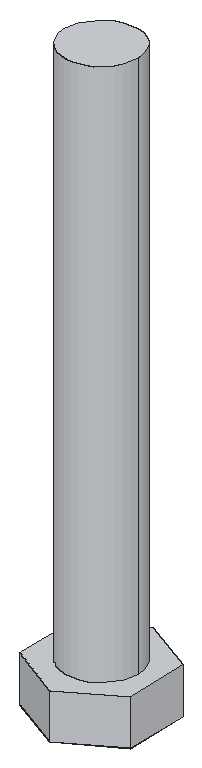
Revit family "Bolt M16x130", category Generic Models, Revit 2018
Family settings
  Can host rebar = No
  Round Connector Dimension = Use Diameter
  Part Type = Normal
  Work Plane-Based = Yes
  Always vertical = No
  Cut with Voids When Loaded = No
  Shared = No
  Room Calculation Point = No
Parameters
  VL = none
  L [instance] = 100 mm
  Default Elevation = 1219.2 mm
  B [instance] = 38 mm
Reference planes
  plane 1 "Center (Front/Back)": y = 0
  plane 2: z = 0
  plane 3 "Center (Left/Right)": x = 0
  plane 4: x = -12
  plane 5: x = 12
  plane 6: y = -12
  plane 7: y = 12
  plane 8: z = 10
  plane 9: z = 91
  plane 10: z = 1
  plane 11: z = 11
  plane 12: z = 91
  plane 13: through (-12, 6.928, 1200) normal (0.5, 0.866, 0)
  plane 14: through (12, 6.928, 1200) normal (0.5, -0.866, 0)
  plane 15: y = 5.5
  plane 16: z = 92
  plane 17: y = 8
  plane 18: through (-12, 6.928, 1200) normal (0.5, 0.866, 0)
  plane 19: through (12, 6.928, 1200) normal (0.5, -0.866, 0)
Forms (mm)
  Extrusion 1, solid, material <- "VL"
    sketch origin (0, 0, 0) x (1, 0, 0) y (0, 1, 0)
      loop
        line (0, 13.856) -> (-12, 6.928) -> (-12, -6.928) -> (0, -13.856) -> (12, -6.928) -> (12, 6.928) -> (0, 13.856)
    from 1 to 11
  Extrusion 2, solid, material <- "VL"
    sketch origin (0, 0, 0) x (1, 0, 0) y (0, 1, 0)
      loop
        circle (0, 0) r 8
    from 11 to 130
  Blend 3, solid, material <- "VL"
    base sketch origin (0, 0, 0) x (1, 0, 0) y (0, 1, 0)
      loop
        line (10, 5.774) -> (0, 11.547) -> (-10, 5.774) -> (-10, -5.774) -> (0, -11.547) -> (10, -5.774) -> (10, 5.774)
    top sketch origin (0, 0, 0) x (1, 0, 0) y (0, 1, 0)
      loop
        line (12, 6.928) -> (0, 13.856) -> (-12, 6.928) -> (-12, -6.928) -> (0, -13.856) -> (12, -6.928) -> (12, 6.928)
    from 0 to 1
  Extrusion 4, solid, material <- "VL", not visible
    sketch origin (0, 0, 0) x (1, 0, 0) y (0, 1, 0)
      loop
        line (0, 13.856) -> (-12, 6.928) -> (-12, -6.928) -> (0, -13.856) -> (12, -6.928) -> (12, 6.928) -> (0, 13.856)
    from 1 to 11
  Extrusion 5, solid, material <- "VL", not visible
    sketch origin (0, 0, 0) x (1, 0, 0) y (0, 1, 0)
      loop
        circle (0, 0) r 8
    from 11 to 91
  Revolve 6, solid, material <- "VL", not visible
    sketch origin (0, 0, -19) x (0, 1, 0) y (0, 0, 1)
      loop
        line (0, 110) -> (8, 110) -> (5.5, 111) -> (8, 112) -> (5.5, 113) -> (8, 114) -> (5.5, 115) -> (8, 116) -> (5.5, 117) -> (8, 118) -> (5.5, 119) -> (8, 120) -> (5.5, 121) -> (8, 122) -> (5.5, 123) -> (8, 124) -> (5.5, 125) -> (8, 126) -> (5.5, 127) -> (8, 128) -> (5.5, 129) -> (8, 130) -> (5.5, 131) -> (8, 132) -> (5.5, 133) -> (8, 134) -> (5.5, 135) -> (8, 136) -> (5.5, 137) -> (8, 138) -> (5.5, 139) -> (8, 140) -> (5.5, 141) -> (8, 142) -> (5.5, 143) -> (8, 144) -> (5.5, 145) -> (8, 146) -> (5.5, 147) -> (8, 148) -> (5.5, 149) -> (0, 149) -> (0, 110)
      axis (0, 149) -> (0, 110)
    angle from 0 to 360
  Blend 7, solid, material <- "VL", not visible
    base sketch origin (0, 0, 0) x (1, 0, 0) y (0, 1, 0)
      loop
        line (10, 5.774) -> (0, 11.547) -> (-10, 5.774) -> (-10, -5.774) -> (0, -11.547) -> (10, -5.774) -> (10, 5.774)
    top sketch origin (0, 0, 0) x (1, 0, 0) y (0, 1, 0)
      loop
        line (12, 6.928) -> (0, 13.856) -> (-12, 6.928) -> (-12, -6.928) -> (0, -13.856) -> (12, -6.928) -> (12, 6.928)
    from 0 to 1
Dimensions and locks
  aligned and locked: level to plane 2
